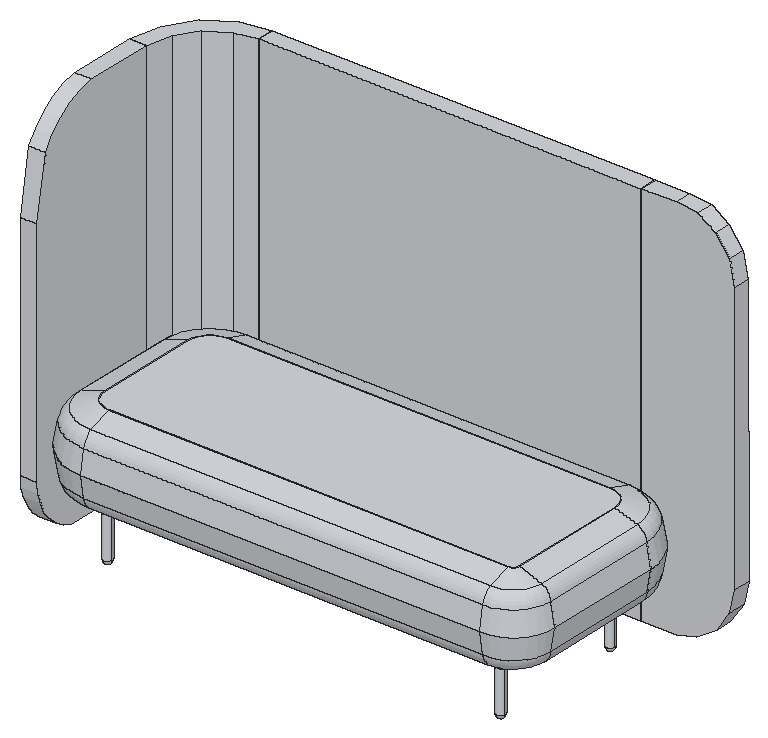
Revit family "Bernhardt-Design_Seating_ChapelleL_2 Seat_Left-Facing Full-Wall", category Furniture, Revit 2013
Parameters (values of type "2 Seat Left Facing Full Wall")
  Model = "Chapelle"
  Mid Wall = 3' - 10"
  Length = 5' - 5 3/4"
  Description = "Seating"
  Width = 2' - 4 1/4"
  URL = "http://bernhardtdesign.com/"
  Product Page URL = "http://www.bernhardtdesign.com/products/chapelle/index.html"
  Product Name = "Chapelle"
  Product Documentation Link = "http://www.bernhardtdesign.com/pdf/pricelists/sofas/Chapelle_PL.pdf"
  Manufacturer = "Bernhardt "  # constant formula
  Level Certification = ""
  Height = 3' - 11 3/8"
  GreenGuard Certification = ""
  Bernhardt Fabric = none
Reference planes (in)
  plane 1 "Center (Front/Back)": y = 0
  plane 2 "Bottom": z = 0
  plane 3 "Center (Left/Right)": x = 0
  plane 4: x = -24
  plane 5: x = 22
  plane 6 "Total Height": z = 47.375
  plane 7 "Seat Height": z = 16.87819
  plane 8 "Base": z = 0.76323
  plane 9: y = -1.50846
  plane 10: y = -18.00846
  plane 11 "seat front edge": y = -20.50934
Forms (in)
  Extrusion 1, solid
    sketch origin (0, 0, 0) x (1, 0, 0) y (0, 1, 0)
      loop
        line (-24, 8.08149) -> (-24, 6.08149) -> (22, 6.08149) -> (22, 8.08149) -> (-24, 8.08149)
    from 0.76323 to 47.375
  Extrusion 2, void
    sketch origin (0, 0, 0) x (0, 1, 0) y (0, 0, 1)
      loop
        line (-9.75846, 47.375) -> (-9.75846, 53.875) -> (-24.50846, 53.875) -> (-18.00846, 29.97832)
        arc (-18.00846, 29.97832) -> (-17.92454, 36.30552) -> (-16.7009, 42.51385) r 34.94218
        arc (-16.7009, 42.51385) -> (-13.79438, 45.75091) -> (-9.75846, 47.375) r 9.61187
      loop
        line (-18.00846, 7.50157) -> (-23.08796, -4.465) -> (-12.78184, 0.76323)
        arc (-12.78184, 0.76323) -> (-16.52625, 3.25506) -> (-18.00846, 7.50157) r 7.06609
    from -76.66408 to 0
  Extrusion 3, solid
    sketch origin (0, 0, 0) x (-1, 0, 0) y (0, -1, 0)
      loop
        line (24, -8.08149) -> (27.42352, -7.3538) -> (30.579, -5.30461) -> (32.62139, -2.15959) -> (33.40106, 1.50846) -> (31.35638, 1.50846) -> (30.74217, -1.38119) -> (29.13319, -3.8588) -> (26.64512, -5.47458) -> (24, -6.03681) -> (24, -8.08149)
    from 0.76323 to 47.375
  Extrusion 4, solid
    sketch origin (0, 0, 0) x (-1, 0, 0) y (0, -1, 0)
      loop
        line (33.40106, 1.50846) -> (33.40106, 18.00846) -> (31.40106, 18.00846) -> (31.40106, 1.50846) -> (33.40106, 1.50846)
    from 0.76323 to 47.375
  Extrusion 5, solid
    sketch origin (0, 0, 0) x (-1, 0, 0) y (0, 0, -1)
      loop
        line (-22, -47.375) -> (-22, -0.76323) -> (-26.25504, -0.76323) -> (-28.69558, -1.40923) -> (-31.18269, -3.08681) -> (-32.72047, -5.36666) -> (-33.29937, -8.09017) -> (-33.29937, -40.59017) -> (-32.62452, -43.51328) -> (-30.97515, -45.78344) -> (-28.87847, -47.14504) -> (-26.25, -47.375) -> (-22, -47.375)
    from -6.08149 to -8.08149
Cuts and joins
  Extrusion 2 cuts Extrusion 4
Lines and regions (in)
  symbolic lines
    curve 1: line (-33.40106, -18.00846, 0) -> (-31.40106, -18.00846, 0)
    curve 2: line (-31.40106, -18.00846, 0) -> (-31.40106, -1.71867, 0)
    curve 3: line (-31.40106, -1.71867, 0) -> (-30.74217, 1.38119, 0)
    curve 4: line (-32.62139, 2.15959, 0) -> (-33.40106, -1.50846, 0)
    curve 5: line (-33.40106, -1.50846, 0) -> (-33.40106, -18.00846, 0)
    curve 6: line (-30.579, 5.30461, 0) -> (-32.62139, 2.15959, 0)
    curve 7: line (-30.74217, 1.38119, 0) -> (-29.13319, 3.8588, 0)
    curve 8: line (-29.13319, 3.8588, 0) -> (-26.64512, 5.47458, 0)
    curve 9: line (-27.42352, 7.3538, 0) -> (-30.579, 5.30461, 0)
    curve 10: line (-30.579, 5.30461, 0) -> (-32.62139, 2.15959, 0)
    curve 11: line (-24, 8.08149, 0) -> (-27.42352, 7.3538, 0)
    curve 12: line (-26.64512, 5.47458, 0) -> (-23.78979, 6.08149, 0)
    curve 13: line (22, 8.08149, 0) -> (-24, 8.08149, 0)
    curve 14: line (-23.78979, 6.08149, 0) -> (22, 6.08149, 0)
    curve 15: line (22, 6.08149, 0) -> (33.29937, 6.08149, 0)
    curve 16: line (33.29937, 8.08149, 0) -> (22, 8.08149, 0)
    curve 17: line (33.29937, 6.08149, 0) -> (33.29937, 8.08149, 0)
    curve 18: arc (28.82638, -1.02391, 0) -> (26.77613, 3.92584, 0) -> (21.82638, 5.97609, 0) r 7
    curve 19: arc (23.82638, -20.42694, 0) -> (27.36191, -18.96247, 0) -> (28.82638, -15.42694, 0) r 5
    curve 20: arc (-31.17362, -13.42694, 0) -> (-29.12337, -18.37669, 0) -> (-24.17362, -20.42694, 0) r 7
    curve 21: line (-31.17362, -13.42694, 0) -> (-31.17362, -0.64863, 0)
    curve 22: line (-24.17362, -20.42694, 0) -> (23.82638, -20.42694, 0)
    curve 23: line (28.82638, -1.02391, 0) -> (28.82638, -15.42694, 0)
Dimensions and locks (in)
  "Mid Wall": plane 4 to plane 5
  "Height": plane 6 "Total Height" to level
  locked: plane 3 "Center (Left/Right)" to nested 1 at 28.82638
  aligned and locked: plane 2 "Bottom" to level
  aligned and locked: Extrusion 1 sketch curve to plane 4
  aligned and locked: Extrusion 1 sketch curve to plane 5
  aligned and locked: Extrusion 1 to plane 8 "Base"
  aligned and locked: plane 6 "Total Height" to Extrusion 1
  aligned and locked: Extrusion 3 to Extrusion 4
Automatic sketch dimensions
  Extrusion 1 sketch curve to plane 1 "Center (Front/Back)" = 0' - 6.08149"
  Extrusion 1 sketch curve to Extrusion 1 sketch curve = 0' - 2"
  Extrusion 2 sketch curve to plane 10 = 0' - 0"  (x2)
  Extrusion 2 sketch curve to plane 8 "Base" = 0' - 0"
  Extrusion 2 sketch curve to plane 6 "Total Height" = 0' - 0"
  Extrusion 2 sketch curve to level = 0' - 4.465"
  Extrusion 2 sketch curve to plane 11 "seat front edge" = 0' - 2.57862"
  Extrusion 2 sketch curve to plane 11 "seat front edge" = 0' - 3.99912"
  Extrusion 2 sketch curve to plane 10 = 0' - 5.22662"
  plane 9 to Extrusion 2 sketch curve = 0' - 8 1/4"
  Extrusion 2 sketch curve to plane 10 = 0' - 1.30756"
  plane 8 "Base" to Extrusion 2 sketch curve = 0' - 6.8226"
  Extrusion 2 sketch curve to Extrusion 2 sketch curve = 0' - 7.06559"
  plane 9 to Extrusion 2 sketch curve = 0' - 6.77278"
  Extrusion 2 sketch curve to plane 1 "Center (Front/Back)" = 1' - 4.82908"
  plane 7 "Seat Height" to Extrusion 2 sketch curve = 1' - 1.10012"
  Extrusion 2 sketch curve to Extrusion 2 sketch curve = 0' - 6 1/2"
  Extrusion 2 sketch curve to Extrusion 2 sketch curve = 1' - 2.69456"
  Extrusion 3 sketch curve to plane 4 = 0' - 0"
  plane 9 to Extrusion 3 sketch curve = 0' - 0"
  plane 1 "Center (Front/Back)" to Extrusion 3 sketch curve = 0' - 1.38119"
  Extrusion 3 sketch curve to plane 4 = 0' - 2.64512"
  Extrusion 3 sketch curve to Extrusion 3 sketch curve = 0' - 0.7784"
  Extrusion 3 sketch curve to Extrusion 3 sketch curve = 0' - 2.48808"
  Extrusion 3 sketch curve to Extrusion 3 sketch curve = 0' - 1.44581"  (x2)
  Extrusion 3 sketch curve to Extrusion 3 sketch curve = 0' - 1.60898"
  Extrusion 3 sketch curve to Extrusion 3 sketch curve = 0' - 0.61421"
  plane 1 "Center (Front/Back)" to Extrusion 3 sketch curve = 0' - 2.15959"
  Extrusion 3 sketch curve to Extrusion 3 sketch curve = 0' - 1.87923"  (x2)
  Extrusion 3 sketch curve to Extrusion 3 sketch curve = 0' - 2.04468"  (x2)
  Extrusion 3 sketch curve to Extrusion 3 sketch curve = 0' - 2.47761"
  Extrusion 3 sketch curve to Extrusion 3 sketch curve = 0' - 1.61577"
  Extrusion 3 sketch curve to Extrusion 3 sketch curve = 0' - 0.56224"
  plane 10 to Extrusion 4 sketch curve = 0' - 0"
  plane 9 to Extrusion 4 sketch curve = 0' - 0"
  Extrusion 4 sketch curve to plane 4 = 0' - 7.40106"
  Extrusion 4 sketch curve to Extrusion 4 sketch curve = 0' - 2"
  Extrusion 5 sketch curve to plane 8 "Base" = 0' - 0"
  Extrusion 5 sketch curve to plane 6 "Total Height" = 0' - 0"
  Extrusion 5 sketch curve to plane 5 = 0' - 0"
  Extrusion 5 sketch curve to plane 8 "Base" = 0' - 0.646"
  Extrusion 5 sketch curve to plane 5 = 0' - 4 1/4"
  Extrusion 5 sketch curve to plane 5 = 0' - 4.25504"
  Extrusion 5 sketch curve to Extrusion 5 sketch curve = 0' - 2.44054"
  plane 6 "Total Height" to Extrusion 5 sketch curve = 0' - 0.22996"
  Extrusion 5 sketch curve to Extrusion 5 sketch curve = 0' - 2.62847"
  plane 6 "Total Height" to Extrusion 5 sketch curve = 0' - 1.59156"
  Extrusion 5 sketch curve to Extrusion 5 sketch curve = 0' - 2.09668"
  Extrusion 5 sketch curve to plane 8 "Base" = 0' - 2.32358"
  Extrusion 5 sketch curve to Extrusion 5 sketch curve = 0' - 2.48711"
  plane 6 "Total Height" to Extrusion 5 sketch curve = 0' - 3.86172"
  Extrusion 5 sketch curve to Extrusion 5 sketch curve = 0' - 1.64937"
  Extrusion 5 sketch curve to plane 8 "Base" = 0' - 4.60343"
  Extrusion 5 sketch curve to Extrusion 5 sketch curve = 0' - 1.53778"
  Extrusion 5 sketch curve to Extrusion 5 sketch curve = 0' - 0.67485"
  Extrusion 5 sketch curve to Extrusion 5 sketch curve = 0' - 2.72351"
  Extrusion 5 sketch curve to Extrusion 5 sketch curve = 0' - 2.92311"
  plane 10 to curve 5 = 0' - 0"
  plane 9 to curve 5 = 0' - 0"
  curve 11 to plane 4 = 0' - 0"
  curve 15 to plane 5 = 0' - 0"
  curve 13 to plane 5 = 0' - 0"
  plane 11 "seat front edge" to curve 22 = 0' - 0.0824"
  plane 4 to curve 22 = 0' - 0.17362"
  plane 4 to curve 8 = 0' - 2.64512"
  curve 11 to curve 8 = 0' - 0.7784"
  curve 7 to curve 8 = 0' - 2.48808"
  curve 10 to curve 7 = 0' - 1.44581"
  curve 7 to plane 1 "Center (Front/Back)" = 0' - 1.38119"
  curve 7 to curve 7 = 0' - 1.60898"
  curve 21 to plane 10 = 0' - 4.58152"
  plane 9 to curve 3 = 0' - 0.21021"
  curve 3 to curve 21 = 0' - 0.22744"
  curve 6 to plane 1 "Center (Front/Back)" = 0' - 2.15959"
  curve 6 to curve 3 = 0' - 1.87923"
  curve 1 to curve 1 = 0' - 2"
  curve 12 to plane 4 = 0' - 0.21021"
  plane 5 to curve 22 = 0' - 1.82638"
  curve 13 to curve 17 = 0' - 11.29937"
  curve 18 to plane 5 = 0' - 0.17362"
  curve 18 to plane 9 = 0' - 0.48455"
  plane 5 to curve 18 = 0' - 6.82638"
  curve 3 to curve 7 = 0' - 2.47761"
  curve 7 to curve 6 = 0' - 1.44581"
  curve 7 to curve 8 = 0' - 1.61577"
  curve 8 to curve 12 = 0' - 0.60692"
  curve 8 to curve 9 = 0' - 1.87923"
  curve 14 to curve 13 = 0' - 2"
Nested families (in)
  nested 1: "Bernhardt-Design_Seating_ChapelleL_2-Seat_Bench" at (-1.5817, 11.19484, 0), type "2 seater bench"
Definition of nested family "Bernhardt-Design_Seating_ChapelleL_2-Seat_Bench"
  Parameters (values of type "2 seater bench")
    Width = 2' - 2 1/2"
    Model = "Chapelle 2 Seat Bench"
    Manufacturer = "Bernhardt"
    Length = 5' - 0"
    Height = 1' - 6"
    Description = "Seating"
    Bernhardt Fabrics = Fabric-Bernhardt-White
  Reference planes (in)
    plane 1: z = 0
    plane 2: z = 47.125
    plane 3: y = -5.21875
    plane 4: x = 30.40807
    plane 5 "mid seat": z = 11.85004
    plane 6 "op seat": z = 16.98912
    plane 7: x = -23.22633
    plane 8: x = 24.04248
    plane 9: x = 0.40807
    plane 10 "front edge of bench": y = -31.62178
    plane 11 "Bench center": y = -18.53536
    plane 12 "le plane": y = -26.79581
    plane 13: x = -29.59193
  Forms (in)
    Revolve 1, solid
      sketch origin (0, -26.79581, 0) x (0, 0, -1) y (1, 0, 0)
        loop
          line (-6.88986, -23.22633) -> (0, -23.22633)
          arc (0, -23.22633) -> (-0.20612, -22.84815) -> (-0.60963, -22.69754) r 0.6158
          line (-0.60963, -22.69754) -> (-5.60963, -22.69754)
          arc (-5.60963, -22.69754) -> (-6.34307, -22.4291) -> (-6.71097, -21.74015) r 1.0948
          line (-6.71097, -21.74015) -> (-6.83424, -21.74015) -> (-6.88986, -21.94772) -> (-6.88986, -23.22633)
        axis (-6.88986, -23.22633) -> (0, -23.22633)
      angle from 0 to 360
    Revolve 2, solid
      sketch origin (0, -10.2749, 0) x (0, 0, -1) y (-1, 0, 0)
        loop
          line (-6.88986, 23.22633) -> (-6.88986, 21.94772) -> (-6.83424, 21.74015) -> (-6.71097, 21.74015)
          arc (-6.71097, 21.74015) -> (-6.34307, 22.4291) -> (-5.60963, 22.69754) r 1.0948
          line (-5.60963, 22.69754) -> (-0.60963, 22.69754)
          arc (-0.60963, 22.69754) -> (-0.20612, 22.84815) -> (0, 23.22633) r 0.6158
          line (0, 23.22633) -> (-6.88986, 23.22633)
        axis (-6.88986, 23.22633) -> (0, 23.22633)
      angle from 0 to 360
    Revolve 3, solid
      sketch origin (-3.18385, -26.79581, 0) x (0, 0, -1) y (-1, 0, 0)
        loop
          line (-6.88986, -27.22633) -> (0, -27.22633)
          arc (0, -27.22633) -> (-0.20612, -26.84815) -> (-0.60963, -26.69754) r 0.6158
          line (-0.60963, -26.69754) -> (-5.60963, -26.69754)
          arc (-5.60963, -26.69754) -> (-6.34307, -26.4291) -> (-6.71097, -25.74015) r 1.0948
          line (-6.71097, -25.74015) -> (-6.83424, -25.74015) -> (-6.88986, -25.94772) -> (-6.88986, -27.22633)
        axis (-6.88986, -27.22633) -> (0, -27.22633)
      angle from 0 to 360
    Revolve 4, solid
      sketch origin (-3.18385, -10.2749, 0) x (0, 0, -1) y (-1, 0, 0)
        loop
          line (-6.88986, -27.22633) -> (0, -27.22633)
          arc (0, -27.22633) -> (-0.20612, -26.84815) -> (-0.60963, -26.69754) r 0.6158
          line (-0.60963, -26.69754) -> (-5.60963, -26.69754)
          arc (-5.60963, -26.69754) -> (-6.34307, -26.4291) -> (-6.71097, -25.74015) r 1.0948
          line (-6.71097, -25.74015) -> (-6.83424, -25.74015) -> (-6.88986, -25.94772) -> (-6.88986, -27.22633)
        axis (-6.88986, -27.22633) -> (0, -27.22633)
      angle from 0 to 360
    Sweep 5, solid
      path origin (0, 0, 6.71097) x (0, 1, 0) y (-1, 0, 0)
        loop
          arc (-5.21875, 22.59193) -> (-7.269, 27.54167) -> (-12.21875, 29.59193) r 7
          line (-12.21875, 29.59193) -> (-24.62178, 29.59193)
          arc (-24.62178, 29.59193) -> (-29.57153, 27.54167) -> (-31.62178, 22.59193) r 7
          line (-31.62178, 22.59193) -> (-31.62178, -25.40807)
          arc (-31.62178, -25.40807) -> (-30.15732, -28.94361) -> (-26.62178, -30.40807) r 5
          line (-26.62178, -30.40807) -> (-12.21875, -30.40807)
          arc (-12.21875, -30.40807) -> (-7.269, -28.35782) -> (-5.21875, -23.40807) r 7
          line (-5.21875, -23.40807) -> (-5.21875, 22.59193)
      profile origin (0.40807, -5.21875, 6.71097) x (0, 1, 0) y (0, 0, 1)
        loop
          line (0, 5.13907) -> (-4.32844, 5.13907) -> (-4.32844, 0) -> (-1.55892, 0.88647)
          arc (-1.55892, 0.88647) -> (-0.84704, 1.53879) -> (-0.47753, 2.43085) r 2.23055
          line (-0.47753, 2.43085) -> (0, 5.13907)
    Sweep 6, solid
      path origin (0, 0, 16.98912) x (-1, 0, 0) y (0, -1, 0)
        loop
          arc (22.59193, 5.21875) -> (27.54167, 7.269) -> (29.59193, 12.21875) r 7
          line (29.59193, 12.21875) -> (29.59193, 24.62178)
          arc (29.59193, 24.62178) -> (27.54167, 29.57153) -> (22.59193, 31.62178) r 7
          line (22.59193, 31.62178) -> (-25.40807, 31.62178)
          arc (-25.40807, 31.62178) -> (-28.94361, 30.15732) -> (-30.40807, 26.62178) r 5
          line (-30.40807, 26.62178) -> (-30.40807, 12.21875)
          arc (-30.40807, 12.21875) -> (-28.35782, 7.269) -> (-23.40807, 5.21875) r 7
          line (-23.40807, 5.21875) -> (22.59193, 5.21875)
      profile origin (0.40807, -5.21875, 16.98912) x (0, 1, 0) y (0, 0, 1)
        loop
          line (0, -5.13907) -> (-0.47753, -2.43085)
          arc (-0.47753, -2.43085) -> (-0.84704, -1.53879) -> (-1.55892, -0.88647) r 2.23055
          line (-1.55892, -0.88647) -> (-4.32844, 0) -> (-4.32844, -5.13907) -> (0, -5.13907)
    Extrusion 7, solid
      sketch origin (0, 0, 16.98912) x (-1, 0, 0) y (0, -1, 0)
        loop
          arc (22.59193, 9.54719) -> (24.481, 10.32967) -> (25.26348, 12.21875) r 2.67156
          line (25.26348, 12.21875) -> (25.26348, 24.62178)
          arc (25.26348, 24.62178) -> (24.481, 26.51086) -> (22.59193, 27.29334) r 2.67156
          line (22.59193, 27.29334) -> (-25.40807, 27.29334)
          arc (-25.40807, 27.29334) -> (-25.88294, 27.09664) -> (-26.07963, 26.62178) r 0.67156
          line (-26.07963, 26.62178) -> (-26.07963, 12.21875)
          arc (-26.07963, 12.21875) -> (-25.29715, 10.32967) -> (-23.40807, 9.54719) r 2.67156
          line (-23.40807, 9.54719) -> (22.59193, 9.54719)
      from 0 to -5.13907
  Lines and regions (in)
    symbolic lines
      curve 1: line (23.40807, -5.21875, 16.98912) -> (-22.59193, -5.21875, 16.98912)
      curve 2: arc (-22.59193, -5.21875, 16.98912) -> (-27.54167, -7.269, 16.98912) -> (-29.59193, -12.21875, 16.98912) r 7
      curve 3: line (-29.59193, -12.21875, 16.98912) -> (-29.59193, -24.62178, 16.98912)
      curve 4: arc (-29.59193, -24.62178, 16.98912) -> (-27.54167, -29.57153, 16.98912) -> (-22.59193, -31.62178, 16.98912) r 7
      curve 5: line (-22.59193, -31.62178, 16.98912) -> (25.40807, -31.62178, 16.98912)
      curve 6: arc (25.40807, -31.62178, 16.98912) -> (28.94361, -30.15732, 16.98912) -> (30.40807, -26.62178, 16.98912) r 5
      curve 7: line (30.40807, -26.62178, 16.98912) -> (30.40807, -12.21875, 16.98912)
      curve 8: arc (30.40807, -12.21875, 16.98912) -> (28.35782, -7.269, 16.98912) -> (23.40807, -5.21875, 16.98912) r 7
      curve 9: line (23.40807, -5.21875, 16.98912) -> (-22.59193, -5.21875, 16.98912)
  Dimensions and locks (in)
    locked: plane 2 to level at 47.125
    plane 7 to plane 8 = 3' - 11.2688"
    equal spacing: plane 7, plane 9, plane 8
    "Length": plane 13 to plane 4
    equal spacing: plane 13, plane 9, plane 4
    aligned and locked: level to plane 1
    aligned and locked: Revolve 1 sketch curve to plane 7
    aligned and locked: Revolve 1 sketch curve to Revolve 1 sketch curve
    aligned and locked: Revolve 2 sketch curve to Revolve 2 sketch curve
    aligned and locked: Revolve 3 sketch curve to Revolve 3 sketch curve
    aligned and locked: Revolve 4 sketch curve to Revolve 4 sketch curve
    aligned and locked: Extrusion 7 to plane 5 "mid seat"
    aligned and locked: plane 6 "op seat" to Extrusion 7
  Automatic sketch dimensions
    Revolve 1 sketch curve to level = 0' - 0"  (x2)
    plane 7 to Revolve 1 sketch curve = 0' - 0.52879"
    level to Revolve 1 sketch curve = 0' - 0.60963"
    Revolve 1 sketch curve to Revolve 1 sketch curve = 0' - 5"
    Revolve 1 sketch curve to Revolve 1 sketch curve = 0' - 1.10134"
    plane 7 to Revolve 1 sketch curve = 0' - 1.48617"
    Revolve 1 sketch curve to Revolve 1 sketch curve = 0' - 0.12327"
    Revolve 1 sketch curve to Revolve 1 sketch curve = 0' - 1.28023"
    Revolve 1 sketch curve to Revolve 1 sketch curve = 0' - 0"
    Revolve 1 sketch curve to Revolve 1 sketch curve = 0' - 0.01519"
    Revolve 1 sketch curve to Revolve 1 sketch curve = 0' - 0.20756"
    Revolve 2 sketch curve to plane 7 = 0' - 0"
    Revolve 2 sketch curve to level = 0' - 0"  (x2)
    plane 7 to Revolve 2 sketch curve = 0' - 1.48617"
    level to Revolve 2 sketch curve = 0' - 0.60963"
    plane 7 to Revolve 2 sketch curve = 0' - 0.52879"
    Revolve 2 sketch curve to Revolve 2 sketch curve = 0' - 5"
    Revolve 2 sketch curve to Revolve 2 sketch curve = 0' - 1.10134"
    Revolve 2 sketch curve to Revolve 2 sketch curve = 0' - 0.12327"
    Revolve 2 sketch curve to Revolve 2 sketch curve = 0' - 1.28023"
    Revolve 2 sketch curve to Revolve 2 sketch curve = 0' - 0"
    Revolve 2 sketch curve to Revolve 2 sketch curve = 0' - 1.08616"
    Revolve 2 sketch curve to Revolve 2 sketch curve = 0' - 0.20756"
    plane 8 to Revolve 3 sketch curve = 0' - 0"
    Revolve 3 sketch curve to level = 0' - 0"  (x2)
    Revolve 3 sketch curve to plane 8 = 0' - 0.52879"
    Revolve 3 sketch curve to level = 0' - 0.60963"
    Revolve 3 sketch curve to Revolve 3 sketch curve = 0' - 5"
    Revolve 3 sketch curve to Revolve 3 sketch curve = 0' - 1.10134"
    Revolve 3 sketch curve to plane 8 = 0' - 1.48617"
    Revolve 3 sketch curve to Revolve 3 sketch curve = 0' - 0.12327"
    Revolve 3 sketch curve to Revolve 3 sketch curve = 0' - 1.28023"
    Revolve 3 sketch curve to Revolve 3 sketch curve = 0' - 0"
    Revolve 3 sketch curve to Revolve 3 sketch curve = 0' - 0.01519"
    Revolve 3 sketch curve to Revolve 3 sketch curve = 0' - 0.20756"
    plane 8 to Revolve 4 sketch curve = 0' - 0"
    Revolve 4 sketch curve to level = 0' - 0"  (x2)
    plane 8 to Revolve 4 sketch curve = 0' - 0.52879"
    level to Revolve 4 sketch curve = 0' - 0.60963"
    Revolve 4 sketch curve to Revolve 4 sketch curve = 0' - 5"
    Revolve 4 sketch curve to Revolve 4 sketch curve = 0' - 1.10134"
    plane 8 to Revolve 4 sketch curve = 0' - 1.48617"
    Revolve 4 sketch curve to Revolve 4 sketch curve = 0' - 0.12327"
    Revolve 4 sketch curve to Revolve 4 sketch curve = 0' - 1.28023"
    Revolve 4 sketch curve to Revolve 4 sketch curve = 0' - 0"
    Revolve 4 sketch curve to Revolve 4 sketch curve = 0' - 1.08616"
    Revolve 4 sketch curve to Revolve 4 sketch curve = 0' - 0.20756"
    Sweep 5 sketch curve to plane 10 "front edge of bench" = 0' - 0"
    Sweep 5 sketch curve to plane 4 = 0' - 0"
    Sweep 5 sketch curve to plane 13 = 0' - 0"
    plane 3 to Sweep 5 sketch curve = 0' - 0"
    Sweep 5 sketch curve to plane 8 = 0' - 1.3656"
    Sweep 5 sketch curve to plane 12 "le plane" = 0' - 2.17403"
    plane 11 "Bench center" to Sweep 5 sketch curve = 0' - 6.31661"  (x2)
    Sweep 5 sketch curve to profile plane = 0' - 0"  (x2)
    profile plane to Sweep 5 sketch curve = 0' - 0.88647"
    profile plane to Sweep 5 sketch curve = 0' - 0.47753"
    profile plane to Sweep 5 sketch curve = 0' - 1.55892"
    Sweep 5 sketch curve to Sweep 5 sketch curve = 0' - 2 197/256"
    Sweep 5 sketch curve to Sweep 5 sketch curve = 0' - 2.19666"
    Sweep 5 sketch curve to Sweep 5 sketch curve = 0' - 1.54438"
    Sweep 5 sketch curve to Sweep 5 sketch curve = 0' - 2.70822"
    Sweep 6 sketch curve to plane 4 = 0' - 0"
    Sweep 6 sketch curve to plane 10 "front edge of bench" = 0' - 0"
    plane 3 to Sweep 6 sketch curve = 0' - 0"
    Sweep 6 sketch curve to plane 13 = 0' - 0"
    plane 11 "Bench center" to Sweep 6 sketch curve = 0' - 6.31661"
    Sweep 6 sketch curve to plane 8 = 0' - 1.3656"
    plane 7 to Sweep 6 sketch curve = 0' - 0.6344"  (x2)
    Sweep 6 sketch curve to profile plane = 0' - 0"  (x2)
    Sweep 6 sketch curve to profile plane = 0' - 5.13907"
    profile plane to Sweep 6 sketch curve = 0' - 0.47753"
    profile plane to Sweep 6 sketch curve = 0' - 1.55892"
    Sweep 6 sketch curve to Sweep 6 sketch curve = 0' - 2 197/256"
    Sweep 6 sketch curve to Sweep 6 sketch curve = 0' - 1.11527"
    Sweep 6 sketch curve to profile plane = 0' - 2.43085"
    Sweep 6 sketch curve to profile plane = 0' - 0.88647"
    plane 7 to Extrusion 7 sketch curve = 0' - 0.6344"  (x2)
    plane 3 to Extrusion 7 sketch curve = 0' - 4.32844"
    plane 8 to Extrusion 7 sketch curve = 0' - 0.6344"
    Extrusion 7 sketch curve to plane 7 = 0' - 2.03716"
    Extrusion 7 sketch curve to plane 12 "le plane" = 0' - 2.17403"
    Extrusion 7 sketch curve to plane 8 = 0' - 1.3656"
    Extrusion 7 sketch curve to plane 12 "le plane" = 0' - 0.17403"
    plane 3 to curve 1 = 0' - 0"
    plane 7 to curve 1 = 0' - 0.6344"
    curve 2 to plane 13 = 0' - 0"
    plane 8 to curve 1 = 0' - 0.6344"
    curve 3 to plane 12 "le plane" = 0' - 2.17403"
    curve 4 to plane 10 "front edge of bench" = 0' - 0"
    curve 5 to plane 8 = 0' - 1.3656"
    curve 6 to plane 4 = 0' - 0"
